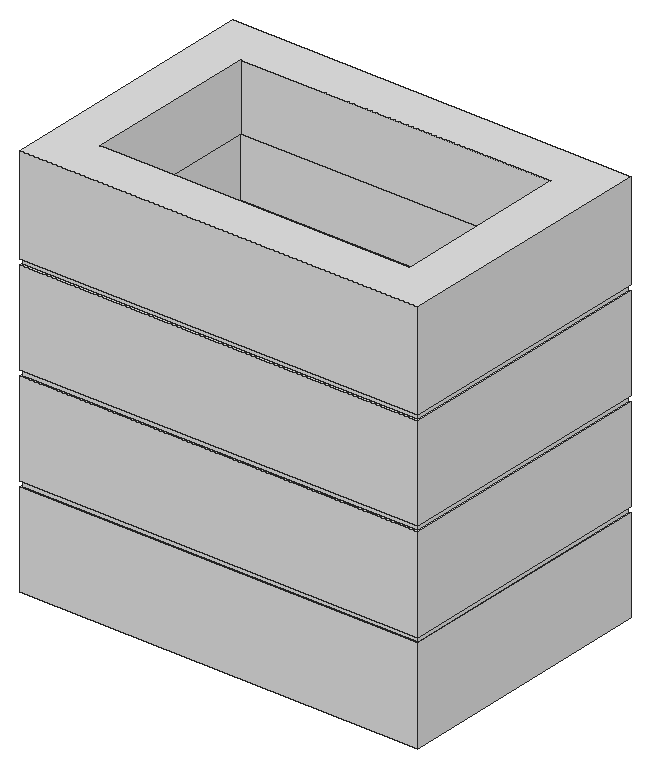
Revit family "Specialty_Equipment-Planter-Planters_Unlimited-Madera-Square-Rectangular", category Specialty Equipment, Revit 2023
Family settings
  Round Connector Dimension = Use Diameter
  Part Type = Normal
  OmniClass Number = 23.40.05.21.17
  OmniClass Title = Planters
  Work Plane-Based = No
  Enable Cutting in Views = Yes
  Always vertical = Yes
  Cut with Voids When Loaded = No
  Maintain Annotation Orientation = No
  Shared = No
  Room Calculation Point = No
Parameters (values of type "Default - Load Type Catalog")
  Stiffeners Horizontal = yes
  Square Planter = not(Rectangle Planter)  # no
  Diagonal Support Visibility by Length = if(CD_Requested Length > 42", 1 = 1, 1 = 0)  # no
  Diagonal Support = if(and(Square Planter, Diagonal Support Visibility by Length), 1 = 1, 1 = 0)  # no
  Center Divider = if(and(Rectangle Planter, Center Divider Visibility by Length), 1 = 1, 1 = 0)  # no
  CD_Width Min = 12"
  CD_Width Max = 72"
  CD_Width = if(CD_Requested Width < CD_Width Min, CD_Width Min, if(CD_Requested Width > CD_Width Max, CD_Width Max, CD_Requested Width))  # 12"
  CD_Requested Width Bottom = CD_Requested Width / 1.5  # 8"
  CD_Requested Width = 12"
  URL = "https://www.plantersunlimited.com"
  Type Comments = "Rectangular/Square Planter"  # constant formula
  Model = "Madera Series Planters"  # constant formula
  Material = Plastic-Fiberglass-Carlsbad-Faux Wood-Grey
  Manufacturer = "Planters Unlimited"  # constant formula
  CD_Requested Length Bottom = CD_Requested Length / 1.5  # 12"
  CD_Requested Length = 18"
  CD_Requested Height = 18"
  Description = "Modular Planting Bed"  # constant formula
  Default Elevation = 0"
  Center Divider Visibility by Length = if(CD_Requested Length > 50", 1 = 1, 1 = 0)  # no
  CD_Specification = "https://www.plantersunlimited.com/content/2024-07-10-fg-pu-guide-specifications.pdf"
  CD_Product Page URL = "https://www.plantersunlimited.com/keswick-rectangular-planter-box/"
  CD_Product Name = "Madera Planter"  # constant formula
  CD_Offset = 0"
  CD_Microsite = ""
  CD_Length Min = 18"
  CD_Length Max = 120"
  CD_Length = if(CD_Requested Length < CD_Length Min, CD_Length Min, if(CD_Requested Length > CD_Length Max, CD_Length Max, CD_Requested Length))  # 18"
  CD_Height Min = 18"
  CD_Height Max = 60"
  CD_Height = if(CD_Requested Height < CD_Height Min, CD_Height Min, if(CD_Requested Height > CD_Height Max, CD_Height Max, CD_Requested Height))  # 18"
  Assembly Code = "G2050600"
  Rectangle Planter = if(CD_Length / CD_Width = 1, 1 = 0, 1 = 1)  # yes
Reference planes (in)
  plane 1 "Center (Front/Back)": y = 0
  plane 2 "Bottom": z = 0
  plane 3 "Center (Left/Right)": x = 0
  plane 4 "Back": y = 6
  plane 5 "Front": y = -6
  plane 6 "Left": x = -9
  plane 7 "Right": x = 9
  plane 8 "Top": z = 18
  plane 9 "Top of Pads": z = 0.125
  plane 10: z = 0
  plane 11 "Back Bottom": y = 4
  plane 12 "Front Bottom": y = -4
  plane 13 "Left Bottom": x = -6
  plane 14 "Right Bottom": x = 6
  plane 15 "Width Left": x = -7.25
  plane 16 "Width Right": x = 7.25
  plane 17 "Width Back": y = 4.25
  plane 18 "Width Front": y = -4.25
  plane 19 "Width Left Bottom": x = -4.25
  plane 20 "Width Right Bottom": x = 4.25
  plane 21 "Width Front Bottom": y = -2.25
  plane 22 "Width Back Bottom": y = 2.25
  plane 23 "Opening Bottom": z = 2.125
  plane 24 "Trim Left": x = -7
  plane 25 "Trim Right": x = 7
  plane 26 "Trim Back": y = 4
  plane 27 "Trim Front": y = -4
  plane 28 "Trim Depth": z = 15
  plane 29 "Fake Wood Three": z = 13.5
  plane 30 "Fake Wood One": z = 4.5
  plane 31 "Fake Wood Two": z = 9
  plane 32 "Diagonal Support": through (0, 0, 48) normal (-0.7071, -0.7071, 0)
  plane 33: z = 6.51448
  plane 34 "Stiffener Bottom": z = 6
  plane 35 "Stiffener Top": z = 12
Forms (in)
  Blend 1, solid, material "Plastic-Fiberglass-Carlsbad-Faux Wood-Grey" <- "Material", detail levels fine
    base sketch origin (0, 0, 0) x (1, 0, 0) y (0, 1, 0)
      loop
        line (-9, 6) -> (-9, -6) -> (9, -6) -> (9, 6) -> (-9, 6)
    top sketch origin (0, 0, 0) x (1, 0, 0) y (0, 1, 0)
      loop
        line (-9, 6) -> (-9, -6) -> (9, -6) -> (9, 6) -> (-9, 6)
    from 0.125 to 18
  Blend 2, void
    base sketch origin (0, 0.08407, 0) x (1, 0, 0) y (0, 1, 0)
      loop
        line (-7.25, 4.16593) -> (-7.25, -4.33407) -> (7.25, -4.33407) -> (7.25, 4.16593) -> (-7.25, 4.16593)
    top sketch origin (0, 0.08407, 0) x (1, 0, 0) y (0, 1, 0)
      loop
        line (-7.25, 4.16593) -> (-7.25, -4.33407) -> (7.25, -4.33407) -> (7.25, 4.16593) -> (-7.25, 4.16593)
    from 2.125 to 18
  Sweep 3, solid, material "Plastic-Fiberglass-Carlsbad-Faux Wood-Grey" <- "Material", detail levels fine
    path origin (0, 0, 0) x (1, 0, 0) y (0, 1, 0)
      loop
        line (-7.25, 4.25) -> (-7.25, -4.25) -> (7.25, -4.25) -> (7.25, 4.25) -> (-7.25, 4.25)
    profile origin (0, 4.25, 0) x (0, 1, 0) y (0, 0, 1)
      loop
        line (0, 18) -> (-0.25, 18) -> (-0.25, 15) -> (0, 15) -> (0, 18)
  Extrusion 4, solid, material "Plastic-Fiberglass-Carlsbad-Faux Wood-Grey" <- "Material", detail levels fine
    sketch origin (0, 0, 0) x (1, 0, 0) y (0, 1, 0)
      loop
        line (-8, 5) -> (-8, 2) -> (-5, 2) -> (-5, 5) -> (-8, 5)
      loop
        line (8, 5) -> (5, 5) -> (5, 2) -> (8, 2) -> (8, 5)
      loop
        line (-8, -5) -> (-5, -5) -> (-5, -2) -> (-8, -2) -> (-8, -5)
      loop
        line (8, -5) -> (8, -2) -> (5, -2) -> (5, -5) -> (8, -5)
    from 0 to 0.125
  Sweep 5, void
    path origin (0, 0, 0) x (1, 0, 0) y (0, 1, 0)
      loop
        line (-9, 6) -> (-9, -6) -> (9, -6) -> (9, 6) -> (-9, 6)
    profile origin (0, 6, 0) x (0, 1, 0) y (0, 0, 1)
      loop
        line (0, 13.61187) -> (-0.07876, 13.61187) -> (-0.07876, 13.38813) -> (0, 13.38813) -> (0, 13.61187)
  Sweep 6, void
    path origin (0, 0, -6) x (1, 0, 0) y (0, 1, 0)
      loop
        line (-9, 6) -> (-9, -6) -> (9, -6) -> (9, 6) -> (-9, 6)
    profile origin (0, 6, -6) x (0, 1, 0) y (0, 0, 1)
      loop
        line (0, 15.11187) -> (-0.07876, 15.11187) -> (-0.07876, 14.88813) -> (0, 14.88813) -> (0, 15.11187)
  Sweep 7, void
    path origin (0, 0, -12) x (1, 0, 0) y (0, 1, 0)
      loop
        line (-9, 6) -> (-9, -6) -> (9, -6) -> (9, 6) -> (-9, 6)
    profile origin (0, 6, -12) x (0, 1, 0) y (0, 0, 1)
      loop
        line (0, 16.61187) -> (-0.07876, 16.61187) -> (-0.07876, 16.38813) -> (0, 16.38813) -> (0, 16.61187)
  Extrusion 8, solid, material "Plastic-Fiberglass-Carlsbad-Faux Wood-Grey" <- "Material", visible <- "Rectangle Planter", detail levels fine
    sketch origin (57.5, 0, 0) x (1, 0, 0) y (0, 1, 0)
      loop
        line (-59, 5) -> (-59, 2) -> (-56, 2) -> (-56, 5) -> (-59, 5)
      loop
        line (-59, -5) -> (-56, -5) -> (-56, -2) -> (-59, -2) -> (-59, -5)
    from 0 to 0.125
  Extrusion 9, solid, material "Plastic-Fiberglass-Carlsbad-Faux Wood-Grey" <- "Material", visible <- "Center Divider"
    sketch origin (0, 0, 0) x (1, 0, 0) y (0, 1, 0)
      loop
        line (-0.22748, 4.25) -> (-0.22748, -4.25) -> (0.22748, -4.25) -> (0.22748, 4.25) -> (-0.22748, 4.25)
    from 4.5 to 13.5
  Extrusion 10, solid, material "Plastic-Fiberglass-Carlsbad-Faux Wood-Grey" <- "Material", visible <- "Diagonal Support"
    sketch origin (0, 0, 0) x (1, 0, 0) y (0, 1, 0)
      loop
        line (-7.15125, 7.46061) -> (-7.46061, 7.15125) -> (4.16236, -4.47172) -> (4.47172, -4.16236) -> (-7.15125, 7.46061)
    from 4.61187 to 13.61187
  Blend 11, solid, material "Plastic-Fiberglass-Carlsbad-Faux Wood-Grey" <- "Material", detail levels coarse
    base sketch origin (0, 0, 0) x (1, 0, 0) y (0, 1, 0)
      loop
        line (-9, 6) -> (-9, -6) -> (9, -6) -> (9, 6) -> (-9, 6)
    top sketch origin (0, 0, 0) x (1, 0, 0) y (0, 1, 0)
      loop
        line (-9, 6) -> (-9, -6) -> (9, -6) -> (9, 6) -> (-9, 6)
    from 0 to 18
  Sweep 12, solid, material "Plastic-Fiberglass-Carlsbad-Faux Wood-Grey" <- "Material", detail levels coarse
    path origin (0, 0, 0) x (1, 0, 0) y (0, 1, 0)
      loop
        line (-7.25, 4.25) -> (-7.25, -4.25) -> (7.25, -4.25) -> (7.25, 4.25) -> (-7.25, 4.25)
    profile origin (0, 4.25, 0) x (0, 1, 0) y (0, 0, 1)
      loop
        line (0, 18) -> (-0.25, 18) -> (-0.25, 15) -> (0, 15) -> (0, 18)
  Blend 13, solid, material "Plastic-Fiberglass-Carlsbad-Faux Wood-Grey" <- "Material", detail levels medium
    base sketch origin (0, 0, 0) x (1, 0, 0) y (0, 1, 0)
      loop
        line (-9, 6) -> (-9, -6) -> (9, -6) -> (9, 6) -> (-9, 6)
    top sketch origin (0, 0, 0) x (1, 0, 0) y (0, 1, 0)
      loop
        line (-9, 6) -> (-9, -6) -> (9, -6) -> (9, 6) -> (-9, 6)
    from 0 to 18
  Sweep 14, solid, material "Plastic-Fiberglass-Carlsbad-Faux Wood-Grey" <- "Material", detail levels medium
    path origin (0, 0, 0) x (1, 0, 0) y (0, 1, 0)
      loop
        line (-7.25, 4.25) -> (-7.25, -4.25) -> (7.25, -4.25) -> (7.25, 4.25) -> (-7.25, 4.25)
    profile origin (0, 4.25, 0) x (0, 1, 0) y (0, 0, 1)
      loop
        line (0, 18) -> (-0.25, 18) -> (-0.25, 15) -> (0, 15) -> (0, 18)
  Extrusion 15, solid, material "Plastic-Fiberglass-Carlsbad-Faux Wood-Grey" <- "Material", visible <- "Stiffeners Horizontal"
    sketch origin (0, 0, 0) x (1, 0, 0) y (0, 1, 0)
      loop
        line (-7.25, 4.25) -> (-7.25, -4.25) -> (7.25, -4.25) -> (7.25, 4.25) -> (-7.25, 4.25)
      loop
        line (-5.25, 2.25) -> (-5.25, -2.25) -> (5.25, -2.25) -> (5.25, 2.25) -> (-5.25, 2.25)
    from 12 to 12.12998
  Extrusion 16, solid, material "Plastic-Fiberglass-Carlsbad-Faux Wood-Grey" <- "Material", visible <- "Stiffeners Horizontal"
    sketch origin (0, 0, 0) x (1, 0, 0) y (0, 1, 0)
      loop
        line (-7.25, 4.25) -> (-7.25, -4.25) -> (7.25, -4.25) -> (7.25, 4.25) -> (-7.25, 4.25)
      loop
        line (-5.25, 2.25) -> (-5.25, -2.25) -> (5.25, -2.25) -> (5.25, 2.25) -> (-5.25, 2.25)
    from 6 to 6.12998
Cuts and joins
  Blend 2, Sweep 5, Sweep 6, Sweep 7 cuts Blend 1
  Sweep 5, Sweep 6, Sweep 7 cuts Sweep 3
  joined: Blend 1, Sweep 3
  Blend 2 cuts Blend 11
  joined: Blend 11, Sweep 12
  Blend 2, Sweep 5, Sweep 6, Sweep 7 cuts Blend 13
  Sweep 5 cuts Sweep 14
  joined: Blend 13, Sweep 14
Lines and regions (in)
  reference lines
    curve 1: line (-7.46061, 4.15125, 0) -> (-6.93028, 4.68158, 0)
    curve 2: line (7.16236, -4.47172, 0) -> (7.69269, -3.94139, 0)
Dimensions and locks (in)
  equal spacing: plane 6 "Left", plane 3 "Center (Left/Right)", plane 7 "Right"
  "CD_Length": plane 6 "Left" to plane 7 "Right"
  equal spacing: plane 4 "Back", plane 1 "Center (Front/Back)", plane 5 "Front"
  "CD_Width": plane 5 "Front" to plane 4 "Back"
  equal spacing: plane 13 "Left Bottom", plane 3 "Center (Left/Right)", plane 14 "Right Bottom"
  equal spacing: plane 11 "Back Bottom", plane 1 "Center (Front/Back)", plane 12 "Front Bottom"
  "CD_Requested Length Bottom": plane 13 "Left Bottom" to plane 14 "Right Bottom"
  "CD_Requested Width Bottom": plane 11 "Back Bottom" to plane 12 "Front Bottom"
  locked: plane 4 "Back" to plane 17 "Width Back" at 1.75
  locked: plane 5 "Front" to plane 18 "Width Front" at 1.75
  locked: plane 6 "Left" to plane 15 "Width Left" at 1.75
  locked: plane 16 "Width Right" to plane 7 "Right" at 1.75
  locked: plane 11 "Back Bottom" to plane 22 "Width Back Bottom" at 1.75
  locked: plane 12 "Front Bottom" to plane 21 "Width Front Bottom" at 1.75
  locked: plane 13 "Left Bottom" to plane 19 "Width Left Bottom" at 1.75
  locked: plane 20 "Width Right Bottom" to plane 14 "Right Bottom" at 1.75
  locked: plane 23 "Opening Bottom" to plane 9 "Top of Pads" at 2
  locked: plane 6 "Left" to plane 24 "Trim Left" at 2
  locked: plane 25 "Trim Right" to plane 7 "Right" at 2
  locked: plane 4 "Back" to plane 26 "Trim Back" at 2
  locked: plane 5 "Front" to plane 27 "Trim Front" at 2
  locked: plane 8 "Top" to plane 28 "Trim Depth" at 3
  locked: plane 9 "Top of Pads" to plane 2 "Bottom" at 0.125
  "CD_Offset": plane 2 "Bottom" to level
  "CD_Height": plane 8 "Top" to plane 2 "Bottom"
  locked: Extrusion 4 sketch curve to Extrusion 4 sketch curve at 3  (x8)
  equal spacing: plane 8 "Top", plane 29 "Fake Wood Three", plane 31 "Fake Wood Two", plane 30 "Fake Wood One", plane 2 "Bottom"
  equal spacing: Sweep 5 sketch curve, plane 29 "Fake Wood Three", Sweep 5 sketch curve
  locked: Sweep 5 sketch curve to Sweep 5 sketch curve at 0.22374
  equal spacing: Sweep 6 sketch curve, plane 31 "Fake Wood Two", Sweep 6 sketch curve
  locked: Sweep 6 sketch curve to Sweep 6 sketch curve at 0.22374
  equal spacing: Sweep 7 sketch curve, plane 30 "Fake Wood One", Sweep 7 sketch curve
  locked: Sweep 7 sketch curve to Sweep 7 sketch curve at 0.22374
  locked: Extrusion 4 sketch curve to plane 4 "Back" at 1  (x2)
  locked: plane 6 "Left" to Extrusion 4 sketch curve at 1  (x2)
  locked: Extrusion 4 sketch curve to plane 7 "Right" at 1  (x2)
  locked: plane 5 "Front" to Extrusion 4 sketch curve at 1  (x2)
  locked: Extrusion 8 sketch curve to Extrusion 8 sketch curve at 3  (x4)
  equal spacing: Extrusion 8 sketch curve, plane 3 "Center (Left/Right)", Extrusion 8 sketch curve  (x2)
  locked: plane 5 "Front" to Extrusion 8 sketch curve at 1
  locked: Extrusion 8 sketch curve to plane 4 "Back" at 1
  equal spacing: Extrusion 9 sketch curve, plane 3 "Center (Left/Right)", Extrusion 9 sketch curve
  locked: Extrusion 9 sketch curve to Extrusion 9 sketch curve at 0.45496
  equal spacing: Extrusion 10 sketch curve, plane 32 "Diagonal Support", Extrusion 10 sketch curve
  locked: Extrusion 10 sketch curve to Extrusion 10 sketch curve at 0.4375
  locked: Sweep 12 sketch curve to Sweep 12 sketch curve at 0.25
  locked: Sweep 12 sketch curve to Sweep 12 sketch curve at 3
  locked: Sweep 3 sketch curve to Sweep 3 sketch curve at 3
  locked: Sweep 14 sketch curve to Sweep 14 sketch curve at 0.25
  equal spacing: plane 8 "Top", plane 35 "Stiffener Top", plane 34 "Stiffener Bottom", plane 2 "Bottom"
  locked: Extrusion 15 to Extrusion 15 at 0.12998
  locked: Extrusion 15 sketch curve to Extrusion 15 sketch curve at 2  (x4)
  locked: Extrusion 16 sketch curve to Extrusion 16 sketch curve at 2  (x4)
  locked: Extrusion 16 to plane 34 "Stiffener Bottom" at 0.12998
  aligned and locked: Blend 1 sketch curve to plane 4 "Back"  (x2)
  aligned and locked: plane 6 "Left" to Blend 1 sketch curve  (x2)
  aligned and locked: Blend 1 sketch curve to plane 5 "Front"  (x2)
  aligned and locked: plane 7 "Right" to Blend 1 sketch curve  (x2)
  aligned and locked: plane 8 "Top" to Blend 1
  aligned and locked: Blend 1 to plane 9 "Top of Pads"
  aligned and locked: Blend 2 sketch curve to plane 17 "Width Back"  (x2)
  aligned and locked: plane 15 "Width Left" to Blend 2 sketch curve  (x2)
  aligned and locked: Blend 2 sketch curve to plane 18 "Width Front"  (x2)
  aligned and locked: plane 16 "Width Right" to Blend 2 sketch curve  (x2)
  aligned and locked: Blend 2 to plane 23 "Opening Bottom"
  aligned and locked: plane 8 "Top" to Blend 2
  aligned and locked: plane 8 "Top" to Sweep 3
  aligned and locked: Sweep 3 to plane 28 "Trim Depth"
  aligned and locked: plane 9 "Top of Pads" to Extrusion 4
  aligned and locked: Extrusion 4 to plane 2 "Bottom"
  aligned and locked: plane 8 "Top" to cut or joined group of Blend 1, Blend 2, Sweep 3, Sweep 5, Sweep 6, Sweep 7
  aligned and locked: cut or joined group of Blend 1, Blend 2, Sweep 3, Sweep 5, Sweep 6, Sweep 7 to plane 28 "Trim Depth"
  aligned and locked: cut or joined group of Blend 1, Blend 2, Sweep 3, Sweep 5, Sweep 6, Sweep 7 to plane 26 "Trim Back"
  aligned and locked: cut or joined group of Blend 1, Blend 2, Sweep 3, Sweep 5, Sweep 6, Sweep 7 to plane 27 "Trim Front"
  aligned and locked: Extrusion 9 to plane 30 "Fake Wood One"
  aligned and locked: plane 29 "Fake Wood Three" to Extrusion 9
  aligned and locked: plane 18 "Width Front" to Extrusion 9
  aligned and locked: cut or joined group of Blend 1, Blend 2, Sweep 3, Sweep 5, Sweep 6, Sweep 7 to Extrusion 10
  aligned and locked: Extrusion 10 to cut or joined group of Blend 1, Blend 2, Sweep 3, Sweep 5, Sweep 6, Sweep 7
  aligned and locked: cut or joined group of Blend 1, Blend 2, Sweep 3, Sweep 5, Sweep 6, Sweep 7 to Extrusion 9
  aligned and locked: plane 17 "Width Back" to Extrusion 9
  aligned and locked: Blend 11 to plane 2 "Bottom"
  aligned and locked: plane 8 "Top" to Blend 11
  aligned and locked: plane 6 "Left" to Blend 11 sketch curve  (x2)
  aligned and locked: Blend 11 sketch curve to plane 4 "Back"  (x2)
  aligned and locked: plane 7 "Right" to Blend 11 sketch curve  (x2)
  aligned and locked: Blend 11 sketch curve to plane 5 "Front"  (x2)
  aligned and locked: plane 15 "Width Left" to Sweep 12 sketch curve
  aligned and locked: Sweep 12 sketch curve to plane 17 "Width Back"
  aligned and locked: plane 16 "Width Right" to Sweep 12 sketch curve
  aligned and locked: Sweep 12 sketch curve to plane 18 "Width Front"
  aligned and locked: plane 17 "Width Back" to Sweep 12 sketch curve
  aligned and locked: plane 9 "Top of Pads" to Extrusion 8
  aligned and locked: Extrusion 8 to plane 2 "Bottom"
  aligned and locked: cut or joined group of Blend 2, Blend 11, Sweep 12 to plane 28 "Trim Depth"
  aligned and locked: plane 8 "Top" to cut or joined group of Blend 2, Blend 11, Sweep 12  (x2)
  aligned and locked: Blend 1 to Blend 2
  aligned and locked: Blend 13 to plane 2 "Bottom"
  aligned and locked: plane 8 "Top" to Sweep 14  (x3)
  aligned and locked: Sweep 14 to plane 28 "Trim Depth"  (x2)
  aligned and locked: plane 15 "Width Left" to Sweep 3 sketch curve
  aligned and locked: Sweep 3 sketch curve to plane 17 "Width Back"
  aligned and locked: plane 16 "Width Right" to Sweep 3 sketch curve
  aligned and locked: Sweep 3 sketch curve to plane 18 "Width Front"
  aligned and locked: plane 17 "Width Back" to Sweep 3 sketch curve
  aligned and locked: plane 8 "Top" to Blend 13
  aligned and locked: plane 6 "Left" to Blend 13 sketch curve  (x2)
  aligned and locked: Blend 13 sketch curve to plane 4 "Back"  (x2)
  aligned and locked: plane 7 "Right" to Blend 13 sketch curve  (x2)
  aligned and locked: Blend 13 sketch curve to plane 5 "Front"  (x2)
  aligned and locked: Extrusion 15 to plane 35 "Stiffener Top"
  aligned and locked: plane 16 "Width Right" to Extrusion 15 sketch curve
  aligned and locked: Extrusion 15 sketch curve to plane 17 "Width Back"
  aligned and locked: Extrusion 16 to plane 34 "Stiffener Bottom"
Automatic sketch dimensions
  plane 5 "Front" to Sweep 5 sketch curve = 0"
  Sweep 5 sketch curve to plane 6 "Left" = 0"
  Sweep 5 sketch curve to plane 7 "Right" = 0"
  Sweep 5 sketch curve to plane 4 "Back" = 0"
  Sweep 5 sketch curve to profile plane = 0"
  profile plane to Sweep 5 sketch curve = 0.07876"
  plane 5 "Front" to Sweep 6 sketch curve = 0"
  Sweep 6 sketch curve to plane 6 "Left" = 0"
  Sweep 6 sketch curve to plane 7 "Right" = 0"
  Sweep 6 sketch curve to plane 4 "Back" = 0"
  Sweep 6 sketch curve to profile plane = 0"
  profile plane to Sweep 6 sketch curve = 0.07876"
  plane 5 "Front" to Sweep 7 sketch curve = 0"
  Sweep 7 sketch curve to plane 6 "Left" = 0"
  Sweep 7 sketch curve to plane 7 "Right" = 0"
  Sweep 7 sketch curve to plane 4 "Back" = 0"
  Sweep 7 sketch curve to profile plane = 0"
  profile plane to Sweep 7 sketch curve = 0.07876"
  profile plane to Sweep 3 sketch curve = 1/4"
  level to Sweep 3 sketch curve = 15"
  Extrusion 9 sketch curve to plane 18 "Width Front" = 0"
  plane 26 "Trim Back" to Extrusion 9 sketch curve = 1/4"
  plane 6 "Left" to Extrusion 10 sketch curve = 1.53939"
  Extrusion 10 sketch curve to plane 5 "Front" = 1.52828"
  curve 1 to plane 17 "Width Back" = 0.09875"
  curve 1 to plane 15 "Width Left" = 0.21061"
  plane 16 "Width Right" to curve 2 = 0.08764"
  curve 2 to plane 27 "Trim Front" = 15/256"
  curve 2 to plane 16 "Width Right" = 0.44269"
  plane 18 "Width Front" to curve 2 = 0.22172"
  plane 24 "Trim Left" to curve 1 = 0.06972"
  plane 17 "Width Back" to curve 1 = 0.43158"
  level to Sweep 12 sketch curve = 15"
  Sweep 14 sketch curve to plane 15 "Width Left" = 0"
  Sweep 14 sketch curve to plane 16 "Width Right" = 0"
  plane 18 "Width Front" to Sweep 14 sketch curve = 0"
  Sweep 14 sketch curve to plane 17 "Width Back" = 0"
  Sweep 14 sketch curve to profile plane = 0"
  level to Sweep 14 sketch curve = 15"
  Sweep 14 sketch curve to Sweep 14 sketch curve = 3"
  Extrusion 15 sketch curve to plane 15 "Width Left" = 0"
  plane 18 "Width Front" to Extrusion 15 sketch curve = 0"
  Extrusion 16 sketch curve to plane 15 "Width Left" = 0"
  Extrusion 16 sketch curve to plane 16 "Width Right" = 0"
  plane 18 "Width Front" to Extrusion 16 sketch curve = 0"
  Extrusion 16 sketch curve to plane 17 "Width Back" = 0"
Types in the file's own list only (1344): name | Square Planter | Diagonal Support Visibility by Length | Diagonal Support | Center Divider | CD_Width | CD_Requested Width Bottom | CD_Requested Width | CD_Requested Length Bottom | CD_Requested Length | CD_Requested Height | Center Divider Visibility by Length | CD_Length | CD_Height | Rectangle Planter
  Rectangular 18" x 12" x 18" | No | No | No | No | 12" | 8" | 12" | 12" | 18" | 18" | No | 18" | 18" | Yes
  Rectangular 18" x 12" x 24" | No | No | No | No | 12" | 8" | 12" | 12" | 18" | 24" | No | 18" | 24" | Yes
  Rectangular 18" x 12" x 30" | No | No | No | No | 12" | 8" | 12" | 12" | 18" | 30" | No | 18" | 30" | Yes
  Rectangular 18" x 12" x 36" | No | No | No | No | 12" | 8" | 12" | 12" | 18" | 36" | No | 18" | 36" | Yes
  Rectangular 18" x 15" x 18" | No | No | No | No | 15" | 10" | 15" | 12" | 18" | 18" | No | 18" | 18" | Yes
  Rectangular 18" x 15" x 24" | No | No | No | No | 15" | 10" | 15" | 12" | 18" | 24" | No | 18" | 24" | Yes
  Rectangular 18" x 15" x 30" | No | No | No | No | 15" | 10" | 15" | 12" | 18" | 30" | No | 18" | 30" | Yes
  Rectangular 18" x 15" x 36" | No | No | No | No | 15" | 10" | 15" | 12" | 18" | 36" | No | 18" | 36" | Yes
  Rectangular 18" x 15" x 42" | No | No | No | No | 15" | 10" | 15" | 12" | 18" | 42" | No | 18" | 42" | Yes
  Rectangular 18" x 15" x 48" | No | No | No | No | 15" | 10" | 15" | 12" | 18" | 48" | No | 18" | 48" | Yes
  Rectangular 18" x 15" x 54" | No | No | No | No | 15" | 10" | 15" | 12" | 18" | 54" | No | 18" | 54" | Yes
  Rectangular 18" x 15" x 60" | No | No | No | No | 15" | 10" | 15" | 12" | 18" | 60" | No | 18" | 60" | Yes
  Square 18" x 18" x 18" | Yes | No | No | No | 18" | 12" | 18" | 12" | 18" | 18" | No | 18" | 18" | No
  Square 18" x 18" x 24" | Yes | No | No | No | 18" | 12" | 18" | 12" | 18" | 24" | No | 18" | 24" | No
  Square 18" x 18" x 30" | Yes | No | No | No | 18" | 12" | 18" | 12" | 18" | 30" | No | 18" | 30" | No
  Square 18" x 18" x 36" | Yes | No | No | No | 18" | 12" | 18" | 12" | 18" | 36" | No | 18" | 36" | No
  Square 18" x 18" x 42" | Yes | No | No | No | 18" | 12" | 18" | 12" | 18" | 42" | No | 18" | 42" | No
  Square 18" x 18" x 48" | Yes | No | No | No | 18" | 12" | 18" | 12" | 18" | 48" | No | 18" | 48" | No
  Square 18" x 18" x 54" | Yes | No | No | No | 18" | 12" | 18" | 12" | 18" | 54" | No | 18" | 54" | No
  Square 18" x 18" x 60" | Yes | No | No | No | 18" | 12" | 18" | 12" | 18" | 60" | No | 18" | 60" | No
  Rectangular 18" x 24" x 18" | No | No | No | No | 24" | 16" | 24" | 12" | 18" | 18" | No | 18" | 18" | Yes
  Rectangular 18" x 24" x 24" | No | No | No | No | 24" | 16" | 24" | 12" | 18" | 24" | No | 18" | 24" | Yes
  Rectangular 18" x 24" x 30" | No | No | No | No | 24" | 16" | 24" | 12" | 18" | 30" | No | 18" | 30" | Yes
  Rectangular 18" x 24" x 36" | No | No | No | No | 24" | 16" | 24" | 12" | 18" | 36" | No | 18" | 36" | Yes
  Rectangular 18" x 24" x 42" | No | No | No | No | 24" | 16" | 24" | 12" | 18" | 42" | No | 18" | 42" | Yes
  Rectangular 18" x 24" x 48" | No | No | No | No | 24" | 16" | 24" | 12" | 18" | 48" | No | 18" | 48" | Yes
  Rectangular 18" x 24" x 54" | No | No | No | No | 24" | 16" | 24" | 12" | 18" | 54" | No | 18" | 54" | Yes
  Rectangular 18" x 24" x 60" | No | No | No | No | 24" | 16" | 24" | 12" | 18" | 60" | No | 18" | 60" | Yes
  Rectangular 18" x 30" x 18" | No | No | No | No | 30" | 20" | 30" | 12" | 18" | 18" | No | 18" | 18" | Yes
  Rectangular 18" x 30" x 24" | No | No | No | No | 30" | 20" | 30" | 12" | 18" | 24" | No | 18" | 24" | Yes
  Rectangular 18" x 30" x 30" | No | No | No | No | 30" | 20" | 30" | 12" | 18" | 30" | No | 18" | 30" | Yes
  Rectangular 18" x 30" x 36" | No | No | No | No | 30" | 20" | 30" | 12" | 18" | 36" | No | 18" | 36" | Yes
  Rectangular 18" x 30" x 42" | No | No | No | No | 30" | 20" | 30" | 12" | 18" | 42" | No | 18" | 42" | Yes
  Rectangular 18" x 30" x 48" | No | No | No | No | 30" | 20" | 30" | 12" | 18" | 48" | No | 18" | 48" | Yes
  Rectangular 18" x 30" x 54" | No | No | No | No | 30" | 20" | 30" | 12" | 18" | 54" | No | 18" | 54" | Yes
  Rectangular 18" x 30" x 60" | No | No | No | No | 30" | 20" | 30" | 12" | 18" | 60" | No | 18" | 60" | Yes
  Rectangular 18" x 36" x 18" | No | No | No | No | 36" | 24" | 36" | 12" | 18" | 18" | No | 18" | 18" | Yes
  Rectangular 18" x 36" x 24" | No | No | No | No | 36" | 24" | 36" | 12" | 18" | 24" | No | 18" | 24" | Yes
  Rectangular 18" x 36" x 30" | No | No | No | No | 36" | 24" | 36" | 12" | 18" | 30" | No | 18" | 30" | Yes
  Rectangular 18" x 36" x 36" | No | No | No | No | 36" | 24" | 36" | 12" | 18" | 36" | No | 18" | 36" | Yes
  Rectangular 18" x 36" x 42" | No | No | No | No | 36" | 24" | 36" | 12" | 18" | 42" | No | 18" | 42" | Yes
  Rectangular 18" x 36" x 48" | No | No | No | No | 36" | 24" | 36" | 12" | 18" | 48" | No | 18" | 48" | Yes
  Rectangular 18" x 36" x 54" | No | No | No | No | 36" | 24" | 36" | 12" | 18" | 54" | No | 18" | 54" | Yes
  Rectangular 18" x 36" x 60" | No | No | No | No | 36" | 24" | 36" | 12" | 18" | 60" | No | 18" | 60" | Yes
  Rectangular 18" x 42" x 18" | No | No | No | No | 42" | 28" | 42" | 12" | 18" | 18" | No | 18" | 18" | Yes
  Rectangular 18" x 42" x 24" | No | No | No | No | 42" | 28" | 42" | 12" | 18" | 24" | No | 18" | 24" | Yes
  Rectangular 18" x 42" x 30" | No | No | No | No | 42" | 28" | 42" | 12" | 18" | 30" | No | 18" | 30" | Yes
  Rectangular 18" x 42" x 36" | No | No | No | No | 42" | 28" | 42" | 12" | 18" | 36" | No | 18" | 36" | Yes
  Rectangular 18" x 42" x 42" | No | No | No | No | 42" | 28" | 42" | 12" | 18" | 42" | No | 18" | 42" | Yes
  Rectangular 18" x 42" x 48" | No | No | No | No | 42" | 28" | 42" | 12" | 18" | 48" | No | 18" | 48" | Yes
  Rectangular 18" x 42" x 54" | No | No | No | No | 42" | 28" | 42" | 12" | 18" | 54" | No | 18" | 54" | Yes
  Rectangular 18" x 42" x 60" | No | No | No | No | 42" | 28" | 42" | 12" | 18" | 60" | No | 18" | 60" | Yes
  Rectangular 18" x 48" x 18" | No | No | No | No | 48" | 32" | 48" | 12" | 18" | 18" | No | 18" | 18" | Yes
  Rectangular 18" x 48" x 24" | No | No | No | No | 48" | 32" | 48" | 12" | 18" | 24" | No | 18" | 24" | Yes
  Rectangular 18" x 48" x 30" | No | No | No | No | 48" | 32" | 48" | 12" | 18" | 30" | No | 18" | 30" | Yes
  Rectangular 18" x 48" x 36" | No | No | No | No | 48" | 32" | 48" | 12" | 18" | 36" | No | 18" | 36" | Yes
  Rectangular 18" x 48" x 42" | No | No | No | No | 48" | 32" | 48" | 12" | 18" | 42" | No | 18" | 42" | Yes
  Rectangular 18" x 48" x 48" | No | No | No | No | 48" | 32" | 48" | 12" | 18" | 48" | No | 18" | 48" | Yes
  Rectangular 18" x 48" x 54" | No | No | No | No | 48" | 32" | 48" | 12" | 18" | 54" | No | 18" | 54" | Yes
  Rectangular 18" x 48" x 60" | No | No | No | No | 48" | 32" | 48" | 12" | 18" | 60" | No | 18" | 60" | Yes
  Rectangular 18" x 60" x 18" | No | No | No | No | 60" | 40" | 60" | 12" | 18" | 18" | No | 18" | 18" | Yes
  Rectangular 18" x 60" x 24" | No | No | No | No | 60" | 40" | 60" | 12" | 18" | 24" | No | 18" | 24" | Yes
  Rectangular 18" x 60" x 30" | No | No | No | No | 60" | 40" | 60" | 12" | 18" | 30" | No | 18" | 30" | Yes
  Rectangular 18" x 60" x 36" | No | No | No | No | 60" | 40" | 60" | 12" | 18" | 36" | No | 18" | 36" | Yes
  Rectangular 18" x 60" x 42" | No | No | No | No | 60" | 40" | 60" | 12" | 18" | 42" | No | 18" | 42" | Yes
  Rectangular 18" x 60" x 48" | No | No | No | No | 60" | 40" | 60" | 12" | 18" | 48" | No | 18" | 48" | Yes
  Rectangular 18" x 60" x 54" | No | No | No | No | 60" | 40" | 60" | 12" | 18" | 54" | No | 18" | 54" | Yes
  Rectangular 18" x 60" x 60" | No | No | No | No | 60" | 40" | 60" | 12" | 18" | 60" | No | 18" | 60" | Yes
  Rectangular 18" x 66" x 18" | No | No | No | No | 66" | 44" | 66" | 12" | 18" | 18" | No | 18" | 18" | Yes
  Rectangular 18" x 66" x 24" | No | No | No | No | 66" | 44" | 66" | 12" | 18" | 24" | No | 18" | 24" | Yes
  Rectangular 18" x 66" x 30" | No | No | No | No | 66" | 44" | 66" | 12" | 18" | 30" | No | 18" | 30" | Yes
  Rectangular 18" x 66" x 36" | No | No | No | No | 66" | 44" | 66" | 12" | 18" | 36" | No | 18" | 36" | Yes
  Rectangular 18" x 66" x 42" | No | No | No | No | 66" | 44" | 66" | 12" | 18" | 42" | No | 18" | 42" | Yes
  Rectangular 18" x 66" x 48" | No | No | No | No | 66" | 44" | 66" | 12" | 18" | 48" | No | 18" | 48" | Yes
  Rectangular 18" x 66" x 54" | No | No | No | No | 66" | 44" | 66" | 12" | 18" | 54" | No | 18" | 54" | Yes
  Rectangular 18" x 66" x 60" | No | No | No | No | 66" | 44" | 66" | 12" | 18" | 60" | No | 18" | 60" | Yes
  Rectangular 18" x 72" x 18" | No | No | No | No | 72" | 48" | 72" | 12" | 18" | 18" | No | 18" | 18" | Yes
  Rectangular 18" x 72" x 24" | No | No | No | No | 72" | 48" | 72" | 12" | 18" | 24" | No | 18" | 24" | Yes
  Rectangular 18" x 72" x 30" | No | No | No | No | 72" | 48" | 72" | 12" | 18" | 30" | No | 18" | 30" | Yes
  Rectangular 18" x 72" x 36" | No | No | No | No | 72" | 48" | 72" | 12" | 18" | 36" | No | 18" | 36" | Yes
  Rectangular 18" x 72" x 42" | No | No | No | No | 72" | 48" | 72" | 12" | 18" | 42" | No | 18" | 42" | Yes
  Rectangular 18" x 72" x 48" | No | No | No | No | 72" | 48" | 72" | 12" | 18" | 48" | No | 18" | 48" | Yes
  Rectangular 18" x 72" x 54" | No | No | No | No | 72" | 48" | 72" | 12" | 18" | 54" | No | 18" | 54" | Yes
  Rectangular 18" x 72" x 60" | No | No | No | No | 72" | 48" | 72" | 12" | 18" | 60" | No | 18" | 60" | Yes
  Rectangular 24" x 12" x 18" | No | No | No | No | 12" | 8" | 12" | 16" | 24" | 18" | No | 24" | 18" | Yes
  Rectangular 24" x 12" x 24" | No | No | No | No | 12" | 8" | 12" | 16" | 24" | 24" | No | 24" | 24" | Yes
  Rectangular 24" x 12" x 30" | No | No | No | No | 12" | 8" | 12" | 16" | 24" | 30" | No | 24" | 30" | Yes
  Rectangular 24" x 12" x 36" | No | No | No | No | 12" | 8" | 12" | 16" | 24" | 36" | No | 24" | 36" | Yes
  Rectangular 24" x 15" x 18" | No | No | No | No | 15" | 10" | 15" | 16" | 24" | 18" | No | 24" | 18" | Yes
  Rectangular 24" x 15" x 24" | No | No | No | No | 15" | 10" | 15" | 16" | 24" | 24" | No | 24" | 24" | Yes
  Rectangular 24" x 15" x 30" | No | No | No | No | 15" | 10" | 15" | 16" | 24" | 30" | No | 24" | 30" | Yes
  Rectangular 24" x 15" x 36" | No | No | No | No | 15" | 10" | 15" | 16" | 24" | 36" | No | 24" | 36" | Yes
  Rectangular 24" x 15" x 42" | No | No | No | No | 15" | 10" | 15" | 16" | 24" | 42" | No | 24" | 42" | Yes
  Rectangular 24" x 15" x 48" | No | No | No | No | 15" | 10" | 15" | 16" | 24" | 48" | No | 24" | 48" | Yes
  Rectangular 24" x 15" x 54" | No | No | No | No | 15" | 10" | 15" | 16" | 24" | 54" | No | 24" | 54" | Yes
  Rectangular 24" x 15" x 60" | No | No | No | No | 15" | 10" | 15" | 16" | 24" | 60" | No | 24" | 60" | Yes
  Rectangular 24" x 18" x 18" | No | No | No | No | 18" | 12" | 18" | 16" | 24" | 18" | No | 24" | 18" | Yes
  Rectangular 24" x 18" x 24" | No | No | No | No | 18" | 12" | 18" | 16" | 24" | 24" | No | 24" | 24" | Yes
  Rectangular 24" x 18" x 30" | No | No | No | No | 18" | 12" | 18" | 16" | 24" | 30" | No | 24" | 30" | Yes
  Rectangular 24" x 18" x 36" | No | No | No | No | 18" | 12" | 18" | 16" | 24" | 36" | No | 24" | 36" | Yes
  Rectangular 24" x 18" x 42" | No | No | No | No | 18" | 12" | 18" | 16" | 24" | 42" | No | 24" | 42" | Yes
  Rectangular 24" x 18" x 48" | No | No | No | No | 18" | 12" | 18" | 16" | 24" | 48" | No | 24" | 48" | Yes
  Rectangular 24" x 18" x 54" | No | No | No | No | 18" | 12" | 18" | 16" | 24" | 54" | No | 24" | 54" | Yes
  Rectangular 24" x 18" x 60" | No | No | No | No | 18" | 12" | 18" | 16" | 24" | 60" | No | 24" | 60" | Yes
  Square 24" x 24" x 18" | Yes | No | No | No | 24" | 16" | 24" | 16" | 24" | 18" | No | 24" | 18" | No
  Square 24" x 24" x 24" | Yes | No | No | No | 24" | 16" | 24" | 16" | 24" | 24" | No | 24" | 24" | No
  Square 24" x 24" x 30" | Yes | No | No | No | 24" | 16" | 24" | 16" | 24" | 30" | No | 24" | 30" | No
  Square 24" x 24" x 36" | Yes | No | No | No | 24" | 16" | 24" | 16" | 24" | 36" | No | 24" | 36" | No
  Square 24" x 24" x 42" | Yes | No | No | No | 24" | 16" | 24" | 16" | 24" | 42" | No | 24" | 42" | No
  Square 24" x 24" x 48" | Yes | No | No | No | 24" | 16" | 24" | 16" | 24" | 48" | No | 24" | 48" | No
  Square 24" x 24" x 54" | Yes | No | No | No | 24" | 16" | 24" | 16" | 24" | 54" | No | 24" | 54" | No
  Square 24" x 24" x 60" | Yes | No | No | No | 24" | 16" | 24" | 16" | 24" | 60" | No | 24" | 60" | No
  Rectangular 24" x 30" x 18" | No | No | No | No | 30" | 20" | 30" | 16" | 24" | 18" | No | 24" | 18" | Yes
  Rectangular 24" x 30" x 24" | No | No | No | No | 30" | 20" | 30" | 16" | 24" | 24" | No | 24" | 24" | Yes
  Rectangular 24" x 30" x 30" | No | No | No | No | 30" | 20" | 30" | 16" | 24" | 30" | No | 24" | 30" | Yes
  Rectangular 24" x 30" x 36" | No | No | No | No | 30" | 20" | 30" | 16" | 24" | 36" | No | 24" | 36" | Yes
  Rectangular 24" x 30" x 42" | No | No | No | No | 30" | 20" | 30" | 16" | 24" | 42" | No | 24" | 42" | Yes
  Rectangular 24" x 30" x 48" | No | No | No | No | 30" | 20" | 30" | 16" | 24" | 48" | No | 24" | 48" | Yes
  Rectangular 24" x 30" x 54" | No | No | No | No | 30" | 20" | 30" | 16" | 24" | 54" | No | 24" | 54" | Yes
  Rectangular 24" x 30" x 60" | No | No | No | No | 30" | 20" | 30" | 16" | 24" | 60" | No | 24" | 60" | Yes
  Rectangular 24" x 36" x 18" | No | No | No | No | 36" | 24" | 36" | 16" | 24" | 18" | No | 24" | 18" | Yes
  Rectangular 24" x 36" x 24" | No | No | No | No | 36" | 24" | 36" | 16" | 24" | 24" | No | 24" | 24" | Yes
  Rectangular 24" x 36" x 30" | No | No | No | No | 36" | 24" | 36" | 16" | 24" | 30" | No | 24" | 30" | Yes
  Rectangular 24" x 36" x 36" | No | No | No | No | 36" | 24" | 36" | 16" | 24" | 36" | No | 24" | 36" | Yes
  Rectangular 24" x 36" x 42" | No | No | No | No | 36" | 24" | 36" | 16" | 24" | 42" | No | 24" | 42" | Yes
  Rectangular 24" x 36" x 48" | No | No | No | No | 36" | 24" | 36" | 16" | 24" | 48" | No | 24" | 48" | Yes
  Rectangular 24" x 36" x 54" | No | No | No | No | 36" | 24" | 36" | 16" | 24" | 54" | No | 24" | 54" | Yes
  Rectangular 24" x 36" x 60" | No | No | No | No | 36" | 24" | 36" | 16" | 24" | 60" | No | 24" | 60" | Yes
  Rectangular 24" x 42" x 18" | No | No | No | No | 42" | 28" | 42" | 16" | 24" | 18" | No | 24" | 18" | Yes
  Rectangular 24" x 42" x 24" | No | No | No | No | 42" | 28" | 42" | 16" | 24" | 24" | No | 24" | 24" | Yes
  Rectangular 24" x 42" x 30" | No | No | No | No | 42" | 28" | 42" | 16" | 24" | 30" | No | 24" | 30" | Yes
  Rectangular 24" x 42" x 36" | No | No | No | No | 42" | 28" | 42" | 16" | 24" | 36" | No | 24" | 36" | Yes
  Rectangular 24" x 42" x 42" | No | No | No | No | 42" | 28" | 42" | 16" | 24" | 42" | No | 24" | 42" | Yes
  Rectangular 24" x 42" x 48" | No | No | No | No | 42" | 28" | 42" | 16" | 24" | 48" | No | 24" | 48" | Yes
  Rectangular 24" x 42" x 54" | No | No | No | No | 42" | 28" | 42" | 16" | 24" | 54" | No | 24" | 54" | Yes
  Rectangular 24" x 42" x 60" | No | No | No | No | 42" | 28" | 42" | 16" | 24" | 60" | No | 24" | 60" | Yes
  Rectangular 24" x 48" x 18" | No | No | No | No | 48" | 32" | 48" | 16" | 24" | 18" | No | 24" | 18" | Yes
  Rectangular 24" x 48" x 24" | No | No | No | No | 48" | 32" | 48" | 16" | 24" | 24" | No | 24" | 24" | Yes
  Rectangular 24" x 48" x 30" | No | No | No | No | 48" | 32" | 48" | 16" | 24" | 30" | No | 24" | 30" | Yes
  Rectangular 24" x 48" x 36" | No | No | No | No | 48" | 32" | 48" | 16" | 24" | 36" | No | 24" | 36" | Yes
  Rectangular 24" x 48" x 42" | No | No | No | No | 48" | 32" | 48" | 16" | 24" | 42" | No | 24" | 42" | Yes
  Rectangular 24" x 48" x 48" | No | No | No | No | 48" | 32" | 48" | 16" | 24" | 48" | No | 24" | 48" | Yes
  Rectangular 24" x 48" x 54" | No | No | No | No | 48" | 32" | 48" | 16" | 24" | 54" | No | 24" | 54" | Yes
  Rectangular 24" x 48" x 60" | No | No | No | No | 48" | 32" | 48" | 16" | 24" | 60" | No | 24" | 60" | Yes
  Rectangular 24" x 60" x 18" | No | No | No | No | 60" | 40" | 60" | 16" | 24" | 18" | No | 24" | 18" | Yes
  Rectangular 24" x 60" x 24" | No | No | No | No | 60" | 40" | 60" | 16" | 24" | 24" | No | 24" | 24" | Yes
  Rectangular 24" x 60" x 30" | No | No | No | No | 60" | 40" | 60" | 16" | 24" | 30" | No | 24" | 30" | Yes
  Rectangular 24" x 60" x 36" | No | No | No | No | 60" | 40" | 60" | 16" | 24" | 36" | No | 24" | 36" | Yes
  Rectangular 24" x 60" x 42" | No | No | No | No | 60" | 40" | 60" | 16" | 24" | 42" | No | 24" | 42" | Yes
  Rectangular 24" x 60" x 48" | No | No | No | No | 60" | 40" | 60" | 16" | 24" | 48" | No | 24" | 48" | Yes
  Rectangular 24" x 60" x 54" | No | No | No | No | 60" | 40" | 60" | 16" | 24" | 54" | No | 24" | 54" | Yes
  Rectangular 24" x 60" x 60" | No | No | No | No | 60" | 40" | 60" | 16" | 24" | 60" | No | 24" | 60" | Yes
  Rectangular 24" x 66" x 18" | No | No | No | No | 66" | 44" | 66" | 16" | 24" | 18" | No | 24" | 18" | Yes
  Rectangular 24" x 66" x 24" | No | No | No | No | 66" | 44" | 66" | 16" | 24" | 24" | No | 24" | 24" | Yes
  Rectangular 24" x 66" x 30" | No | No | No | No | 66" | 44" | 66" | 16" | 24" | 30" | No | 24" | 30" | Yes
  Rectangular 24" x 66" x 36" | No | No | No | No | 66" | 44" | 66" | 16" | 24" | 36" | No | 24" | 36" | Yes
  Rectangular 24" x 66" x 42" | No | No | No | No | 66" | 44" | 66" | 16" | 24" | 42" | No | 24" | 42" | Yes
  Rectangular 24" x 66" x 48" | No | No | No | No | 66" | 44" | 66" | 16" | 24" | 48" | No | 24" | 48" | Yes
  Rectangular 24" x 66" x 54" | No | No | No | No | 66" | 44" | 66" | 16" | 24" | 54" | No | 24" | 54" | Yes
  Rectangular 24" x 66" x 60" | No | No | No | No | 66" | 44" | 66" | 16" | 24" | 60" | No | 24" | 60" | Yes
  Rectangular 24" x 72" x 18" | No | No | No | No | 72" | 48" | 72" | 16" | 24" | 18" | No | 24" | 18" | Yes
  Rectangular 24" x 72" x 24" | No | No | No | No | 72" | 48" | 72" | 16" | 24" | 24" | No | 24" | 24" | Yes
  Rectangular 24" x 72" x 30" | No | No | No | No | 72" | 48" | 72" | 16" | 24" | 30" | No | 24" | 30" | Yes
  Rectangular 24" x 72" x 36" | No | No | No | No | 72" | 48" | 72" | 16" | 24" | 36" | No | 24" | 36" | Yes
  Rectangular 24" x 72" x 42" | No | No | No | No | 72" | 48" | 72" | 16" | 24" | 42" | No | 24" | 42" | Yes
  Rectangular 24" x 72" x 48" | No | No | No | No | 72" | 48" | 72" | 16" | 24" | 48" | No | 24" | 48" | Yes
  Rectangular 24" x 72" x 54" | No | No | No | No | 72" | 48" | 72" | 16" | 24" | 54" | No | 24" | 54" | Yes
  Rectangular 24" x 72" x 60" | No | No | No | No | 72" | 48" | 72" | 16" | 24" | 60" | No | 24" | 60" | Yes
  Rectangular 30" x 12" x 18" | No | No | No | No | 12" | 8" | 12" | 20" | 30" | 18" | No | 30" | 18" | Yes
  Rectangular 30" x 12" x 24" | No | No | No | No | 12" | 8" | 12" | 20" | 30" | 24" | No | 30" | 24" | Yes
  Rectangular 30" x 12" x 30" | No | No | No | No | 12" | 8" | 12" | 20" | 30" | 30" | No | 30" | 30" | Yes
  Rectangular 30" x 12" x 36" | No | No | No | No | 12" | 8" | 12" | 20" | 30" | 36" | No | 30" | 36" | Yes
  Rectangular 30" x 15" x 18" | No | No | No | No | 15" | 10" | 15" | 20" | 30" | 18" | No | 30" | 18" | Yes
  Rectangular 30" x 15" x 24" | No | No | No | No | 15" | 10" | 15" | 20" | 30" | 24" | No | 30" | 24" | Yes
  Rectangular 30" x 15" x 30" | No | No | No | No | 15" | 10" | 15" | 20" | 30" | 30" | No | 30" | 30" | Yes
  Rectangular 30" x 15" x 36" | No | No | No | No | 15" | 10" | 15" | 20" | 30" | 36" | No | 30" | 36" | Yes
  Rectangular 30" x 15" x 42" | No | No | No | No | 15" | 10" | 15" | 20" | 30" | 42" | No | 30" | 42" | Yes
  Rectangular 30" x 15" x 48" | No | No | No | No | 15" | 10" | 15" | 20" | 30" | 48" | No | 30" | 48" | Yes
  Rectangular 30" x 15" x 54" | No | No | No | No | 15" | 10" | 15" | 20" | 30" | 54" | No | 30" | 54" | Yes
  Rectangular 30" x 15" x 60" | No | No | No | No | 15" | 10" | 15" | 20" | 30" | 60" | No | 30" | 60" | Yes
  Rectangular 30" x 18" x 18" | No | No | No | No | 18" | 12" | 18" | 20" | 30" | 18" | No | 30" | 18" | Yes
  Rectangular 30" x 18" x 24" | No | No | No | No | 18" | 12" | 18" | 20" | 30" | 24" | No | 30" | 24" | Yes
  Rectangular 30" x 18" x 30" | No | No | No | No | 18" | 12" | 18" | 20" | 30" | 30" | No | 30" | 30" | Yes
  Rectangular 30" x 18" x 36" | No | No | No | No | 18" | 12" | 18" | 20" | 30" | 36" | No | 30" | 36" | Yes
  Rectangular 30" x 18" x 42" | No | No | No | No | 18" | 12" | 18" | 20" | 30" | 42" | No | 30" | 42" | Yes
  Rectangular 30" x 18" x 48" | No | No | No | No | 18" | 12" | 18" | 20" | 30" | 48" | No | 30" | 48" | Yes
  Rectangular 30" x 18" x 54" | No | No | No | No | 18" | 12" | 18" | 20" | 30" | 54" | No | 30" | 54" | Yes
  Rectangular 30" x 18" x 60" | No | No | No | No | 18" | 12" | 18" | 20" | 30" | 60" | No | 30" | 60" | Yes
  Rectangular 30" x 24" x 18" | No | No | No | No | 24" | 16" | 24" | 20" | 30" | 18" | No | 30" | 18" | Yes
  Rectangular 30" x 24" x 24" | No | No | No | No | 24" | 16" | 24" | 20" | 30" | 24" | No | 30" | 24" | Yes
  Rectangular 30" x 24" x 30" | No | No | No | No | 24" | 16" | 24" | 20" | 30" | 30" | No | 30" | 30" | Yes
  Rectangular 30" x 24" x 36" | No | No | No | No | 24" | 16" | 24" | 20" | 30" | 36" | No | 30" | 36" | Yes
  Rectangular 30" x 24" x 42" | No | No | No | No | 24" | 16" | 24" | 20" | 30" | 42" | No | 30" | 42" | Yes
  Rectangular 30" x 24" x 48" | No | No | No | No | 24" | 16" | 24" | 20" | 30" | 48" | No | 30" | 48" | Yes
  Rectangular 30" x 24" x 54" | No | No | No | No | 24" | 16" | 24" | 20" | 30" | 54" | No | 30" | 54" | Yes
  Rectangular 30" x 24" x 60" | No | No | No | No | 24" | 16" | 24" | 20" | 30" | 60" | No | 30" | 60" | Yes
  Square 30" x 30" x 18" | Yes | No | No | No | 30" | 20" | 30" | 20" | 30" | 18" | No | 30" | 18" | No
  Square 30" x 30" x 24" | Yes | No | No | No | 30" | 20" | 30" | 20" | 30" | 24" | No | 30" | 24" | No
  Square 30" x 30" x 30" | Yes | No | No | No | 30" | 20" | 30" | 20" | 30" | 30" | No | 30" | 30" | No
  Square 30" x 30" x 36" | Yes | No | No | No | 30" | 20" | 30" | 20" | 30" | 36" | No | 30" | 36" | No
  Square 30" x 30" x 42" | Yes | No | No | No | 30" | 20" | 30" | 20" | 30" | 42" | No | 30" | 42" | No
  Square 30" x 30" x 48" | Yes | No | No | No | 30" | 20" | 30" | 20" | 30" | 48" | No | 30" | 48" | No
  Square 30" x 30" x 54" | Yes | No | No | No | 30" | 20" | 30" | 20" | 30" | 54" | No | 30" | 54" | No
  Square 30" x 30" x 60" | Yes | No | No | No | 30" | 20" | 30" | 20" | 30" | 60" | No | 30" | 60" | No
  Rectangular 30" x 36" x 18" | No | No | No | No | 36" | 24" | 36" | 20" | 30" | 18" | No | 30" | 18" | Yes
  Rectangular 30" x 36" x 24" | No | No | No | No | 36" | 24" | 36" | 20" | 30" | 24" | No | 30" | 24" | Yes
  Rectangular 30" x 36" x 30" | No | No | No | No | 36" | 24" | 36" | 20" | 30" | 30" | No | 30" | 30" | Yes
  Rectangular 30" x 36" x 36" | No | No | No | No | 36" | 24" | 36" | 20" | 30" | 36" | No | 30" | 36" | Yes
  Rectangular 30" x 36" x 42" | No | No | No | No | 36" | 24" | 36" | 20" | 30" | 42" | No | 30" | 42" | Yes
  Rectangular 30" x 36" x 48" | No | No | No | No | 36" | 24" | 36" | 20" | 30" | 48" | No | 30" | 48" | Yes
  Rectangular 30" x 36" x 54" | No | No | No | No | 36" | 24" | 36" | 20" | 30" | 54" | No | 30" | 54" | Yes
  Rectangular 30" x 36" x 60" | No | No | No | No | 36" | 24" | 36" | 20" | 30" | 60" | No | 30" | 60" | Yes
  Rectangular 30" x 42" x 18" | No | No | No | No | 42" | 28" | 42" | 20" | 30" | 18" | No | 30" | 18" | Yes
  Rectangular 30" x 42" x 24" | No | No | No | No | 42" | 28" | 42" | 20" | 30" | 24" | No | 30" | 24" | Yes
  Rectangular 30" x 42" x 30" | No | No | No | No | 42" | 28" | 42" | 20" | 30" | 30" | No | 30" | 30" | Yes
  Rectangular 30" x 42" x 36" | No | No | No | No | 42" | 28" | 42" | 20" | 30" | 36" | No | 30" | 36" | Yes
  Rectangular 30" x 42" x 42" | No | No | No | No | 42" | 28" | 42" | 20" | 30" | 42" | No | 30" | 42" | Yes
  Rectangular 30" x 42" x 48" | No | No | No | No | 42" | 28" | 42" | 20" | 30" | 48" | No | 30" | 48" | Yes
  Rectangular 30" x 42" x 54" | No | No | No | No | 42" | 28" | 42" | 20" | 30" | 54" | No | 30" | 54" | Yes
  Rectangular 30" x 42" x 60" | No | No | No | No | 42" | 28" | 42" | 20" | 30" | 60" | No | 30" | 60" | Yes
  Rectangular 30" x 48" x 18" | No | No | No | No | 48" | 32" | 48" | 20" | 30" | 18" | No | 30" | 18" | Yes
  Rectangular 30" x 48" x 24" | No | No | No | No | 48" | 32" | 48" | 20" | 30" | 24" | No | 30" | 24" | Yes
  Rectangular 30" x 48" x 30" | No | No | No | No | 48" | 32" | 48" | 20" | 30" | 30" | No | 30" | 30" | Yes
  Rectangular 30" x 48" x 36" | No | No | No | No | 48" | 32" | 48" | 20" | 30" | 36" | No | 30" | 36" | Yes
  Rectangular 30" x 48" x 42" | No | No | No | No | 48" | 32" | 48" | 20" | 30" | 42" | No | 30" | 42" | Yes
  Rectangular 30" x 48" x 48" | No | No | No | No | 48" | 32" | 48" | 20" | 30" | 48" | No | 30" | 48" | Yes
  Rectangular 30" x 48" x 54" | No | No | No | No | 48" | 32" | 48" | 20" | 30" | 54" | No | 30" | 54" | Yes
  Rectangular 30" x 48" x 60" | No | No | No | No | 48" | 32" | 48" | 20" | 30" | 60" | No | 30" | 60" | Yes
  Rectangular 30" x 60" x 18" | No | No | No | No | 60" | 40" | 60" | 20" | 30" | 18" | No | 30" | 18" | Yes
  Rectangular 30" x 60" x 24" | No | No | No | No | 60" | 40" | 60" | 20" | 30" | 24" | No | 30" | 24" | Yes
  Rectangular 30" x 60" x 30" | No | No | No | No | 60" | 40" | 60" | 20" | 30" | 30" | No | 30" | 30" | Yes
  Rectangular 30" x 60" x 36" | No | No | No | No | 60" | 40" | 60" | 20" | 30" | 36" | No | 30" | 36" | Yes
  Rectangular 30" x 60" x 42" | No | No | No | No | 60" | 40" | 60" | 20" | 30" | 42" | No | 30" | 42" | Yes
  Rectangular 30" x 60" x 48" | No | No | No | No | 60" | 40" | 60" | 20" | 30" | 48" | No | 30" | 48" | Yes
  Rectangular 30" x 60" x 54" | No | No | No | No | 60" | 40" | 60" | 20" | 30" | 54" | No | 30" | 54" | Yes
  Rectangular 30" x 60" x 60" | No | No | No | No | 60" | 40" | 60" | 20" | 30" | 60" | No | 30" | 60" | Yes
  Rectangular 30" x 66" x 18" | No | No | No | No | 66" | 44" | 66" | 20" | 30" | 18" | No | 30" | 18" | Yes
  Rectangular 30" x 66" x 24" | No | No | No | No | 66" | 44" | 66" | 20" | 30" | 24" | No | 30" | 24" | Yes
  Rectangular 30" x 66" x 30" | No | No | No | No | 66" | 44" | 66" | 20" | 30" | 30" | No | 30" | 30" | Yes
  Rectangular 30" x 66" x 36" | No | No | No | No | 66" | 44" | 66" | 20" | 30" | 36" | No | 30" | 36" | Yes
  Rectangular 30" x 66" x 42" | No | No | No | No | 66" | 44" | 66" | 20" | 30" | 42" | No | 30" | 42" | Yes
  Rectangular 30" x 66" x 48" | No | No | No | No | 66" | 44" | 66" | 20" | 30" | 48" | No | 30" | 48" | Yes
  Rectangular 30" x 66" x 54" | No | No | No | No | 66" | 44" | 66" | 20" | 30" | 54" | No | 30" | 54" | Yes
  Rectangular 30" x 66" x 60" | No | No | No | No | 66" | 44" | 66" | 20" | 30" | 60" | No | 30" | 60" | Yes
  Rectangular 30" x 72" x 18" | No | No | No | No | 72" | 48" | 72" | 20" | 30" | 18" | No | 30" | 18" | Yes
  Rectangular 30" x 72" x 24" | No | No | No | No | 72" | 48" | 72" | 20" | 30" | 24" | No | 30" | 24" | Yes
  Rectangular 30" x 72" x 30" | No | No | No | No | 72" | 48" | 72" | 20" | 30" | 30" | No | 30" | 30" | Yes
  Rectangular 30" x 72" x 36" | No | No | No | No | 72" | 48" | 72" | 20" | 30" | 36" | No | 30" | 36" | Yes
  Rectangular 30" x 72" x 42" | No | No | No | No | 72" | 48" | 72" | 20" | 30" | 42" | No | 30" | 42" | Yes
  Rectangular 30" x 72" x 48" | No | No | No | No | 72" | 48" | 72" | 20" | 30" | 48" | No | 30" | 48" | Yes
  Rectangular 30" x 72" x 54" | No | No | No | No | 72" | 48" | 72" | 20" | 30" | 54" | No | 30" | 54" | Yes
  Rectangular 30" x 72" x 60" | No | No | No | No | 72" | 48" | 72" | 20" | 30" | 60" | No | 30" | 60" | Yes
  Rectangular 36" x 12" x 18" | No | No | No | No | 12" | 8" | 12" | 24" | 36" | 18" | No | 36" | 18" | Yes
  Rectangular 36" x 12" x 24" | No | No | No | No | 12" | 8" | 12" | 24" | 36" | 24" | No | 36" | 24" | Yes
  Rectangular 36" x 12" x 30" | No | No | No | No | 12" | 8" | 12" | 24" | 36" | 30" | No | 36" | 30" | Yes
  Rectangular 36" x 12" x 36" | No | No | No | No | 12" | 8" | 12" | 24" | 36" | 36" | No | 36" | 36" | Yes
  Rectangular 36" x 15" x 18" | No | No | No | No | 15" | 10" | 15" | 24" | 36" | 18" | No | 36" | 18" | Yes
  Rectangular 36" x 15" x 24" | No | No | No | No | 15" | 10" | 15" | 24" | 36" | 24" | No | 36" | 24" | Yes
  Rectangular 36" x 15" x 30" | No | No | No | No | 15" | 10" | 15" | 24" | 36" | 30" | No | 36" | 30" | Yes
  Rectangular 36" x 15" x 36" | No | No | No | No | 15" | 10" | 15" | 24" | 36" | 36" | No | 36" | 36" | Yes
  Rectangular 36" x 15" x 42" | No | No | No | No | 15" | 10" | 15" | 24" | 36" | 42" | No | 36" | 42" | Yes
  Rectangular 36" x 15" x 48" | No | No | No | No | 15" | 10" | 15" | 24" | 36" | 48" | No | 36" | 48" | Yes
  Rectangular 36" x 15" x 54" | No | No | No | No | 15" | 10" | 15" | 24" | 36" | 54" | No | 36" | 54" | Yes
  Rectangular 36" x 15" x 60" | No | No | No | No | 15" | 10" | 15" | 24" | 36" | 60" | No | 36" | 60" | Yes
  Rectangular 36" x 18" x 18" | No | No | No | No | 18" | 12" | 18" | 24" | 36" | 18" | No | 36" | 18" | Yes
  Rectangular 36" x 18" x 24" | No | No | No | No | 18" | 12" | 18" | 24" | 36" | 24" | No | 36" | 24" | Yes
  Rectangular 36" x 18" x 30" | No | No | No | No | 18" | 12" | 18" | 24" | 36" | 30" | No | 36" | 30" | Yes
  Rectangular 36" x 18" x 36" | No | No | No | No | 18" | 12" | 18" | 24" | 36" | 36" | No | 36" | 36" | Yes
  Rectangular 36" x 18" x 42" | No | No | No | No | 18" | 12" | 18" | 24" | 36" | 42" | No | 36" | 42" | Yes
  Rectangular 36" x 18" x 48" | No | No | No | No | 18" | 12" | 18" | 24" | 36" | 48" | No | 36" | 48" | Yes
  Rectangular 36" x 18" x 54" | No | No | No | No | 18" | 12" | 18" | 24" | 36" | 54" | No | 36" | 54" | Yes
  Rectangular 36" x 18" x 60" | No | No | No | No | 18" | 12" | 18" | 24" | 36" | 60" | No | 36" | 60" | Yes
  Rectangular 36" x 24" x 18" | No | No | No | No | 24" | 16" | 24" | 24" | 36" | 18" | No | 36" | 18" | Yes
  Rectangular 36" x 24" x 24" | No | No | No | No | 24" | 16" | 24" | 24" | 36" | 24" | No | 36" | 24" | Yes
  Rectangular 36" x 24" x 30" | No | No | No | No | 24" | 16" | 24" | 24" | 36" | 30" | No | 36" | 30" | Yes
  Rectangular 36" x 24" x 36" | No | No | No | No | 24" | 16" | 24" | 24" | 36" | 36" | No | 36" | 36" | Yes
  Rectangular 36" x 24" x 42" | No | No | No | No | 24" | 16" | 24" | 24" | 36" | 42" | No | 36" | 42" | Yes
  Rectangular 36" x 24" x 48" | No | No | No | No | 24" | 16" | 24" | 24" | 36" | 48" | No | 36" | 48" | Yes
  Rectangular 36" x 24" x 54" | No | No | No | No | 24" | 16" | 24" | 24" | 36" | 54" | No | 36" | 54" | Yes
  Rectangular 36" x 24" x 60" | No | No | No | No | 24" | 16" | 24" | 24" | 36" | 60" | No | 36" | 60" | Yes
  Rectangular 36" x 30" x 18" | No | No | No | No | 30" | 20" | 30" | 24" | 36" | 18" | No | 36" | 18" | Yes
  Rectangular 36" x 30" x 24" | No | No | No | No | 30" | 20" | 30" | 24" | 36" | 24" | No | 36" | 24" | Yes
  Rectangular 36" x 30" x 30" | No | No | No | No | 30" | 20" | 30" | 24" | 36" | 30" | No | 36" | 30" | Yes
  Rectangular 36" x 30" x 36" | No | No | No | No | 30" | 20" | 30" | 24" | 36" | 36" | No | 36" | 36" | Yes
  Rectangular 36" x 30" x 42" | No | No | No | No | 30" | 20" | 30" | 24" | 36" | 42" | No | 36" | 42" | Yes
  Rectangular 36" x 30" x 48" | No | No | No | No | 30" | 20" | 30" | 24" | 36" | 48" | No | 36" | 48" | Yes
  Rectangular 36" x 30" x 54" | No | No | No | No | 30" | 20" | 30" | 24" | 36" | 54" | No | 36" | 54" | Yes
  Rectangular 36" x 30" x 60" | No | No | No | No | 30" | 20" | 30" | 24" | 36" | 60" | No | 36" | 60" | Yes
  Square 36" x 36" x 18" | Yes | No | No | No | 36" | 24" | 36" | 24" | 36" | 18" | No | 36" | 18" | No
  Square 36" x 36" x 24" | Yes | No | No | No | 36" | 24" | 36" | 24" | 36" | 24" | No | 36" | 24" | No
  Square 36" x 36" x 30" | Yes | No | No | No | 36" | 24" | 36" | 24" | 36" | 30" | No | 36" | 30" | No
  Square 36" x 36" x 36" | Yes | No | No | No | 36" | 24" | 36" | 24" | 36" | 36" | No | 36" | 36" | No
  Square 36" x 36" x 42" | Yes | No | No | No | 36" | 24" | 36" | 24" | 36" | 42" | No | 36" | 42" | No
  Square 36" x 36" x 48" | Yes | No | No | No | 36" | 24" | 36" | 24" | 36" | 48" | No | 36" | 48" | No
  Square 36" x 36" x 54" | Yes | No | No | No | 36" | 24" | 36" | 24" | 36" | 54" | No | 36" | 54" | No
  Square 36" x 36" x 60" | Yes | No | No | No | 36" | 24" | 36" | 24" | 36" | 60" | No | 36" | 60" | No
  Rectangular 36" x 42" x 18" | No | No | No | No | 42" | 28" | 42" | 24" | 36" | 18" | No | 36" | 18" | Yes
  Rectangular 36" x 42" x 24" | No | No | No | No | 42" | 28" | 42" | 24" | 36" | 24" | No | 36" | 24" | Yes
  Rectangular 36" x 42" x 30" | No | No | No | No | 42" | 28" | 42" | 24" | 36" | 30" | No | 36" | 30" | Yes
  Rectangular 36" x 42" x 36" | No | No | No | No | 42" | 28" | 42" | 24" | 36" | 36" | No | 36" | 36" | Yes
  Rectangular 36" x 42" x 42" | No | No | No | No | 42" | 28" | 42" | 24" | 36" | 42" | No | 36" | 42" | Yes
  Rectangular 36" x 42" x 48" | No | No | No | No | 42" | 28" | 42" | 24" | 36" | 48" | No | 36" | 48" | Yes
  Rectangular 36" x 42" x 54" | No | No | No | No | 42" | 28" | 42" | 24" | 36" | 54" | No | 36" | 54" | Yes
  Rectangular 36" x 42" x 60" | No | No | No | No | 42" | 28" | 42" | 24" | 36" | 60" | No | 36" | 60" | Yes
  Rectangular 36" x 48" x 18" | No | No | No | No | 48" | 32" | 48" | 24" | 36" | 18" | No | 36" | 18" | Yes
  Rectangular 36" x 48" x 24" | No | No | No | No | 48" | 32" | 48" | 24" | 36" | 24" | No | 36" | 24" | Yes
  Rectangular 36" x 48" x 30" | No | No | No | No | 48" | 32" | 48" | 24" | 36" | 30" | No | 36" | 30" | Yes
  Rectangular 36" x 48" x 36" | No | No | No | No | 48" | 32" | 48" | 24" | 36" | 36" | No | 36" | 36" | Yes
  Rectangular 36" x 48" x 42" | No | No | No | No | 48" | 32" | 48" | 24" | 36" | 42" | No | 36" | 42" | Yes
